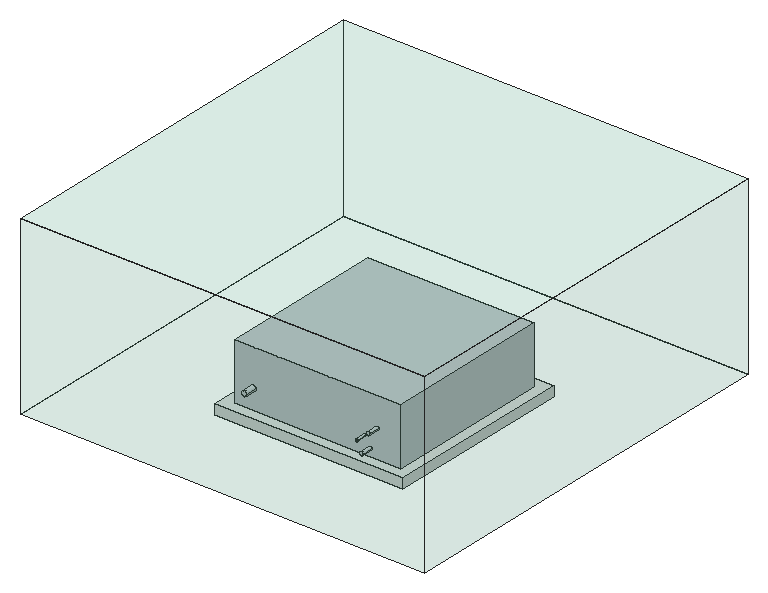
Revit family "EU_SINGLE_IDU_4WAY_CST_L_Ver.1.1", category Mechanical Equipment, Revit 2016 (continued)
Definition of nested family "SAMSUNG(CI)"
  Lines and regions (mm)
    model lines, not visible
      curve 140: line (389.487, -165, 1309.497) -> (389.487, -165, 1306.386)
      curve 141: line (397.125, -165, 1313.458) -> (387.507, -165, 1313.458)
      curve 142: line (397.125, -165, 1305.954) -> (397.125, -165, 1313.458)
      curve 143: line (397.125, -165, 1317.418) -> (397.125, -165, 1319.398)
      curve 144: line (389.487, -165, 1319.398) -> (389.487, -165, 1317.418)
      curve 145: line (389.487, -165, 1317.418) -> (397.125, -165, 1317.418)
      curve 146: arc (377.89, -165, 1319.398) -> (387.507, -165, 1327.035) -> (397.125, -165, 1319.398) r 9.874
      curve 147: arc (377.89, -165, 1306.386) -> (381.112, -165, 1300.708) -> (387.339, -165, 1298.749) r 8.913
      curve 148: arc (394.479, -165, 1301.124) -> (396.296, -165, 1303.268) -> (397.125, -165, 1305.954) r 7.016
      curve 149: line (312.844, -165, 1320.247) -> (312.844, -165, 1316.852)
      curve 150: line (312.844, -165, 1316.852) -> (305.49, -165, 1316.852)
      curve 151: line (305.49, -165, 1316.852) -> (305.49, -165, 1319.115)
      curve 152: arc (305.49, -165, 1319.115) -> (302.07, -165, 1321.06) -> (302.145, -165, 1317.127) r 2.263
      curve 153: line (302.145, -165, 1317.127) -> (310.231, -165, 1312.728)
      curve 154: arc (319.953, -165, 1306.669) -> (330.136, -165, 1298.748) -> (340.32, -165, 1306.669) r 10.507
      curve 155: line (296.934, -165, 1312.849) -> (304.358, -165, 1308.628)
      curve 156: arc (300.964, -165, 1306.669) -> (304.358, -165, 1304.709) -> (304.358, -165, 1308.628) r 2.263
      curve 157: line (313.41, -165, 1305.537) -> (313.41, -165, 1307.8)
      curve 158: line (293.043, -165, 1308.932) -> (293.043, -165, 1305.537)
      curve 159: line (300.964, -165, 1308.932) -> (293.043, -165, 1308.932)
      curve 160: line (300.964, -165, 1306.669) -> (300.964, -165, 1308.932)
      curve 161: line (293.609, -165, 1320.247) -> (293.609, -165, 1317.984)
      curve 162: arc (293.609, -165, 1320.247) -> (303.227, -165, 1327.036) -> (312.844, -165, 1320.247) r 10.207
      curve 163: arc (293.043, -165, 1305.537) -> (303.227, -165, 1298.748) -> (313.41, -165, 1305.537) r 11.032
      curve 164: arc (310.231, -165, 1312.728) -> (312.449, -165, 1310.67) -> (313.41, -165, 1307.8) r 6.121
      curve 165: arc (296.934, -165, 1312.849) -> (294.064, -165, 1316.005) -> (293.609, -165, 1320.247) r 6.87
      curve 166: line (211.427, -165, 1308.932) -> (203.507, -165, 1308.932)
      curve 167: arc (211.427, -165, 1306.67) -> (214.859, -165, 1304.732) -> (214.745, -165, 1308.672) r 2.263
      curve 168: line (211.427, -165, 1306.67) -> (211.427, -165, 1308.932)
      curve 169: line (203.507, -165, 1308.932) -> (203.507, -165, 1305.537)
      curve 170: line (223.874, -165, 1305.537) -> (223.874, -165, 1307.8)
      curve 171: line (220.694, -165, 1312.728) -> (212.609, -165, 1317.127)
      curve 172: arc (215.953, -165, 1319.116) -> (212.534, -165, 1321.062) -> (212.609, -165, 1317.128) r 2.263
      curve 173: line (215.953, -165, 1319.116) -> (215.953, -165, 1316.852)
      curve 174: line (215.953, -165, 1316.852) -> (223.308, -165, 1316.852)
      curve 175: line (223.308, -165, 1316.852) -> (223.308, -165, 1320.247)
      curve 176: line (204.042, -165, 1320.244) -> (204.042, -165, 1317.984)
      curve 177: arc (223.308, -165, 1320.247) -> (219.662, -165, 1326.182) -> (212.744, -165, 1327.003) r 7.992
      curve 178: arc (204.042, -165, 1320.244) -> (204.669, -165, 1322.736) -> (206.401, -165, 1324.635) r 5.266
      curve 179: arc (203.507, -165, 1305.537) -> (213.69, -165, 1298.732) -> (223.874, -165, 1305.537) r 11.022
      curve 180: arc (223.874, -165, 1307.8) -> (222.913, -165, 1310.67) -> (220.694, -165, 1312.728) r 6.121
      curve 181: line (207.398, -165, 1312.849) -> (214.745, -165, 1308.672)
      curve 182: arc (207.398, -165, 1312.849) -> (205.098, -165, 1315.01) -> (204.042, -165, 1317.984) r 6.706
  Dimensions and locks
    aligned and locked: level to plane 2 "base"
Types (17, lengths in mm): name | Total Heating Capacity | Total Cooling Capacity | Sound Pressure Middle | Sound Pressure Low | Sound Pressure High | Sound Power Cooling | Refrigerant Type | Power Input Heating | Power Input Cooling | Panel Net Weight | Panel Net Dimensions Height | Panel Model | Net  Weight | Motor Ouput | Model/Referance Outdoor Unit | Model | Design Cooling Air Flow Minimum | Design Cooling Air Flow Maximum | Decoration Panel Finish | Current Input Heating | Current Input Cooling | Cooling Entering Wet Bulb Temperature | Clearance Type
  9.00 kW,  220-240V, 4WAY CASSETTE | 10 kW | 9 kW | "38.00 dB(A)" | "33.00 dB(A)" | "43.00 dB(A)" | "60.00 dB(A)" | "R410A" | 0 W | 0 W | 5.80 kg | 45.00 | "PC4NUSKAN" | 18.00 kg | 0 W | "" | "AC090MN4DKH/EU" | "18.00 CMM" | "30.00 CMM" | Ivory | 0 A | 0 A | 27 °C | Do not Include Clearance : Do not Include Clearance
  7.10 kW,  220-240V, 4WAY CASSETTE | 8 kW | 7.1 kW | "33.00 dB(A)" | "30.00 dB(A)" | "36.00 dB(A)" | "53.00 dB(A)" | "R410A" | 0 W | 0 W | 5.90 kg | 45.00 | "PC4NUSKE" | 18.00 kg | 0 W | "" | "AC071JN4CEH/EU" | "15.50 CMM" | "19.50 CMM" | Ivory | 0 A | 0 A | 27 °C | Do not Include Clearance : Do not Include Clearance
  10.00 kW,  220-240V, 4WAY CASSETTE | 11.2 kW | 10 kW | "38.00 dB(A)" | "33.00 dB(A)" | "43.00 dB(A)" | "59.00 dB(A)" | "R410A" | 0 W | 0 W | 5.90 kg | 45.00 | "PC4NUSKE" | 20.00 kg | 0 W | "" | "AC100JN4CEH/EU" | "18.90 CMM" | "30.00 CMM" | Ivory | 0 A | 0 A | 27 °C | Do not Include Clearance : Do not Include Clearance
  10.0 kW,  220-240V, 4WAY CASSETTE | 11.2 kW | 10 kW | "39.00 dB(A)" | "33.00 dB(A)" | "44.00 dB(A)" | "61.00 dB(A)" | "R410A" | 0 W | 0 W | 5.80 kg | 45.00 | "PC4NUSKAN" | 18.00 kg | 0 W | "" | "AC100MN4DKH/EU" | "19.00 CMM" | "31.00 CMM" | Ivory | 0 A | 0 A | 27 °C | Do not Include Clearance : Do not Include Clearance
  12.50 kW,  220-240V, 4WAY CASSETTE | 14 kW | 12.5 kW | "39.00 dB(A)" | "34.00 dB(A)" | "44.00 dB(A)" | "60.00 dB(A)" | "R410A" | 0 W | 0 W | 5.90 kg | 45.00 | "PC4NUSKE" | 20.00 kg | 0 W | "" | "AC125JN4CEH/EU" | "18.90 CMM" | "30.00 CMM" | Ivory | 0 A | 0 A | 27 °C | Do not Include Clearance : Do not Include Clearance
  12.00 kW,  220-240V, 4WAY CASSETTE | 13 kW | 12 kW | "40.00 dB(A)" | "35.00 dB(A)" | "45.00 dB(A)" | "61.00 dB(A)" | "R410A" | 0 W | 0 W | 5.80 kg | 45.00 | "PC4NUSKAN" | 18.00 kg | 0 W | "" | "AC120MN4DKH/EU" | "20.00 CMM" | "32.00 CMM" | Ivory | 0 A | 0 A | 27 °C | Do not Include Clearance : Do not Include Clearance
  13.40 kW,  220-240V, 4WAY CASSETTE | 15.5 kW | 13.4 kW | "41.00 dB(A)" | "37.00 dB(A)" | "45.00 dB(A)" | "61.00 dB(A)" | "R410A" | 0 W | 0 W | 5.80 kg | 45.00 | "PC4NUSKAN" | 20.00 kg | 0 W | "" | "AC140MN4DKH/EU" | "22.00 CMM" | "32.00 CMM" | Ivory | 0 A | 0 A | 27 °C | Do not Include Clearance : Do not Include Clearance
  9.00 kW,  220-240V, 4WAY CASSETTE, WIND FREE | 10 kW | 9 kW | "38.00 dB(A)" | "33.00 dB(A)" | "43.00 dB(A)" | "60.00 dB(A)" | "R410A" | 2.7 W | 2.75 W | 6.50 kg | 64.00 | "PC4NUSKAN" | 18.00 kg | 97 W | "" | "AC090NN4DKH/EU" | "18.00 CMM" | "30.00 CMM" | Ivory | 11.6 A | 12 A | 27 °C | Include Clearance : Include Clearance
  10.00 kW,  220-240V, 4WAY CASSETTE, WIND FREE | 11.2 kW | 10 kW | "39.00 dB(A)" | "33.00 dB(A)" | "44.00 dB(A)" | "61.00 dB(A)" | "R410A" | 3.1 W | 3.12 W | 6.50 kg | 64.00 | "PC4NUFMAN" | 18.00 kg | 97 W | "" | "AC100NN4DKH/EU" | "19.00 CMM" | "31.00 CMM" | Ivory | 13.6 A | 13.6 A | 27 °C | Include Clearance : Include Clearance
  12.00 kW,  220-240V, 4WAY CASSETTE, WIND FREE | 13 kW | 12 kW | "40.00 dB(A)" | "35.00 dB(A)" | "45.00 dB(A)" | "61.00 dB(A)" | "R410A" | 3.8 W | 4.7 W | 6.50 kg | 64.00 | "PC4NUFMAN" | 18.00 kg | 97 W | "" | "AC120NN4DKH/EU" | "20.00 CMM" | "32.00 CMM" | Ivory | 17.1 A | 21.1 A | 27 °C | Include Clearance : Include Clearance
  13.40 kW,  220-240V, 4WAY CASSETTE, WIND FREE | 15.5 kW | 13.4 kW | "41.00 dB(A)" | "37.00 dB(A)" | "45.00 dB(A)" | "61.00 dB(A)" | "R410A" | 4.54 W | 4.45 W | 6.50 kg | 64.00 | "PC4NUFMAN" | 18.00 kg | 125 W | "" | "AC140NN4DKH/EU" | "22.00 CMM" | "32.00 CMM" | Ivory | 19.5 A | 20 A | 27 °C | Include Clearance : Include Clearance
  10.0kW, 220-240V, 4WAY CASSETTE(LRG+), R32, 1phase ODU | 11.2 kW | 10 kW | "39.00 dB(A)" | "33.00 dB(A)" | "44.00 dB(A)" | "61.00 dB(A)" | "R32" | 3.1 W | 3.42 W | 6.30 kg | 48.00 | "PC4NUFMAN" | 18.00 kg | 97 W | "AC100RXADKG/EU" | "AC100RN4DKG/EU" | "19.00 CMM" | "31.00 CMM" | White | 13.6 A | 15.2 A | 24 °C | Include Clearance : Include Clearance
  10.0kW, 220-240V, 4WAY CASSETTE(LRG+), R32, 3phase ODU | 11.2 kW | 10 kW | "39.00 dB(A)" | "33.00 dB(A)" | "44.00 dB(A)" | "61.00 dB(A)" | "R32" | 3.03 W | 3.32 W | 6.30 kg | 48.00 | "PC4NUFMAN" | 18.00 kg | 97 W | "AC100RXADNG/EU" | "AC100RN4DKG/EU" | "19.00 CMM" | "31.00 CMM" | White | 5.1 A | 5.5 A | 24 °C | Include Clearance : Include Clearance
  12.0kW, 220-240V, 4WAY CASSETTE(LRG+), R32, 1phase ODU | 13.2 kW | 12 kW | "40.00 dB(A)" | "35.00 dB(A)" | "45.00 dB(A)" | "61.00 dB(A)" | "R32" | 4.15 W | 4.6 W | 6.30 kg | 48.00 | "PC4NUFMAN" | 18.00 kg | 97 W | "AC120RXADKG/EU" | "AC120RN4DKG/EU" | "20.00 CMM" | "32.00 CMM" | White | 18.2 A | 20.1 A | 24 °C | Include Clearance : Include Clearance
  12.0kW, 220-240V, 4WAY CASSETTE(LRG+), R32, 3phase ODU | 13.2 kW | 12 kW | "40.00 dB(A)" | "35.00 dB(A)" | "45.00 dB(A)" | "61.00 dB(A)" | "R32" | 4.05 W | 4.45 W | 6.30 kg | 48.00 | "PC4NUFMAN" | 18.00 kg | 97 W | "AC120RXADNG/EU" | "AC120RN4DKG/EU" | "20.00 CMM" | "32.00 CMM" | White | 6.3 A | 6.8 A | 24 °C | Include Clearance : Include Clearance
  14.0kW, 220-240V, 4WAY CASSETTE(LRG+), R32, 1phase ODU | 15.5 kW | 13.4 kW | "41.00 dB(A)" | "37.00 dB(A)" | "45.00 dB(A)" | "61.00 dB(A)" | "R32" | 4.9 W | 4.62 W | 6.30 kg | 48.00 | "PC4NUFMAN" | 20.00 kg | 97 W | "AC140RXADKG/EU" | "AC140RN4DKG/EU" | "22.00 CMM" | "32.00 CMM" | White | 21.3 A | 20 A | 24 °C | Include Clearance : Include Clearance
  14.0kW, 220-240V, 4WAY CASSETTE(LRG+), R32, 3phase ODU | 15.5 kW | 13.4 kW | "41.00 dB(A)" | "37.00 dB(A)" | "45.00 dB(A)" | "61.00 dB(A)" | "R32" | 4.9 W | 4.62 W | 6.30 kg | 48.00 | "PC4NUFMAN" | 20.00 kg | 97 W | "AC140RXADNG/EU" | "AC140RN4DKG/EU" | "22.00 CMM" | "32.00 CMM" | White | 21.3 A | 20 A | 24 °C | Include Clearance : Include Clearance
